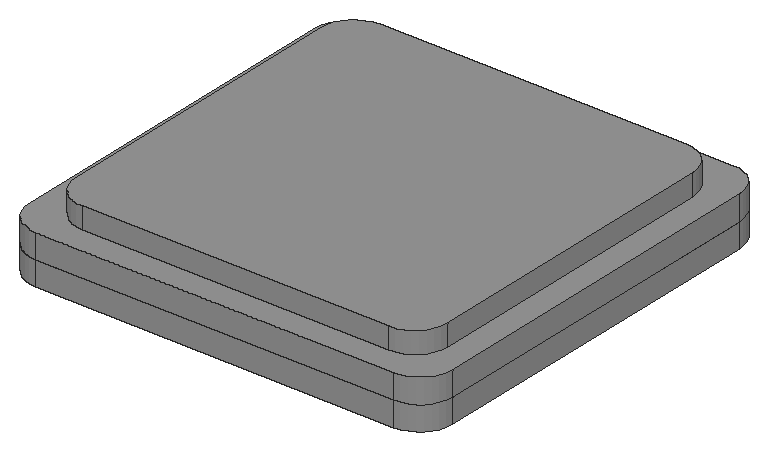
Revit family "FMS2_63_UN_Surface-mounted_ETK", category Lighting Fixtures, Revit 2019 (continued)
Definition of nested family "FMS.2 - Lightsource"
  Types (14, lengths in mm): name | Wattage Comments | Wattage | built-in parameter 1150134 | Photometric Web File | built-in parameter 1150142 | built-in parameter 1150105 | Lumens | built-in parameter 1150107 | built-in parameter 1150106 | Apparent Load
      513\t0\t0\t0\t0\t0\r\n0\r\n473.6291\t473.3725\t472.9875\t472.6026\t472.2176\t471.7043\t471.0627\t470.4211\t469.9078\t469.2662\r\n468.6246\t467.983\t467.2131\t466.4432\t465.6733\t464.6467\t463.7485\t462.8502\t461.952\t460.9254\r\n459.8989\t458.744\t457.7174\t456.5626\t455.2794\t453.9962\t452.713\t451.4298\t450.0182\t448.6067\r\n447.1952\t445.7837\t444.3722\t442.8323\t441.1642\t439.6243\t437.9562\t436.288\t434.6198\t432.8234\r\n430.6419\t428.3322\t426.1507\t423.7126\t421.4029\t418.9648\t416.5267\t414.217\t411.7789\t409.3408\r\n406.7744\t404.3363\t401.8982\t399.3318\t396.8938\t394.199\t391.6326\t389.0662\t386.4998\t383.8051\r\n381.1104\t378.4157\t375.8493\t373.1546\t370.3315\t367.6368\t364.9421\t362.2474\t359.5526\t356.7296\r\n353.9066\t351.2118\t348.3888\t345.1808\t341.9728\t338.6365\t335.4285\t332.0922\t328.8842\t325.5478\r\n322.2115\t319.0035\t315.6672\t312.4592\t309.1229\t305.9149\t302.5786\t299.2422\t295.9059\t292.6979\r\n289.3616\t286.1536\t282.9456\t279.6093\t276.4013\t273.065\t269.857\t266.649\t263.441\t259.9763\r\n256.3834\t252.9187\t249.4541\t245.9894\t242.5248\t238.9318\t235.4672\t231.8742\t228.5379\t225.0733\r\n221.737\t218.2723\t214.936\t211.5997\t208.135\t204.7987\t201.4624\t198.1261\t194.9181\t191.4534\r\n187.7322\t184.1392\t180.5462\t176.825\t173.232\t169.639\t166.0461\t162.5814\t158.9885\t155.5238\r\n152.0592\t148.5946\t145.1299\t141.6653\t138.329\t134.8643\t131.3997\t127.9992\t124.5859\t121.1854\r\n117.8106\t114.4743\t111.1508\t107.8658\t104.5936\t101.3343\t98.1006\t94.867\t91.6333\t88.4381\r\n85.2686\t82.1248\t79.0066\t75.9269\t72.8601\t69.8317\t66.8291\t63.852\t60.9007\t57.9621\r\n55.2546\t52.6882\t50.1346\t47.5939\t45.0788\t42.5637\t40.0743\t37.5849\t35.1084\t32.6446\r\n29.9114\t23.9317\t17.9391\t11.9504\t5.9489\t0\t0\t0\t0\t0\r\n0\r\n473.6291\t473.3725\t473.1158\t472.7309\t472.3459\t471.8326\t471.3194\t470.6778\t470.1645\t469.5229\r\n469.0096\t468.368\t467.5981\t466.8282\t465.9299\t465.0317\t464.1334\t463.2352\t462.337\t461.3104\r\n460.1555\t459.129\t457.9741\t456.6909\t455.536\t454.1245\t452.8413\t451.4298\t450.0182\t448.6067\r\n447.0669\t445.6554\t443.9872\t442.4474\t440.7792\t439.111\t437.4429\t435.6464\t433.9782\t432.1818\r\n430.3853\t428.4605\t426.5357\t424.4826\t422.5578\t420.5046\t418.1949\t415.7568\t413.1904\t410.7523\r\n408.1859\t405.7478\t403.1814\t400.4867\t397.9203\t395.2256\t392.5309\t389.8362\t387.1414\t384.4467\r\n381.6237\t378.929\t376.1059\t373.2829\t370.4598\t367.6368\t364.8138\t361.9907\t359.0394\t356.2163\r\n353.265\t350.4419\t347.4906\t344.6675\t341.7162\t338.7648\t335.8134\t332.8621\t330.039\t327.0877\r\n324.1363\t321.185\t317.977\t314.5123\t311.0477\t307.7114\t304.2467\t300.9104\t297.5741\t294.1094\r\n290.6448\t287.3085\t283.9722\t280.6358\t277.1712\t273.7066\t270.3702\t267.0339\t263.6976\t260.233\r\n256.8966\t253.5603\t250.224\t246.8877\t243.423\t240.0867\t236.8787\t233.5424\t230.2061\t226.6131\r\n223.0202\t219.4272\t215.9626\t212.3696\t208.7766\t205.312\t201.719\t198.2544\t194.9181\t191.4534\r\n188.1171\t184.6525\t181.1878\t177.8515\t174.3869\t171.0506\t167.8426\t164.3779\t160.6566\t157.0637\r\n153.4707\t150.0061\t146.4131\t142.8202\t139.3555\t135.8909\t132.4262\t128.9616\t125.5868\t122.1991\r\n118.7858\t115.3982\t111.9592\t108.5972\t105.2609\t101.9502\t98.6652\t95.4059\t92.1851\t88.9899\r\n85.8204\t82.6894\t79.5841\t76.53\t73.5402\t70.576\t67.6375\t64.7246\t61.8502\t59.0015\r\n56.1785\t53.3683\t50.5966\t47.9788\t45.5151\t43.077\t40.6389\t38.2137\t35.8141\t33.4274\r\n31.0663\t28.718\t24.2525\t17.8236\t11.3858\t4.9378\t0\t0\t0\t0\r\n0\r\n473.6291\t473.3725\t473.1158\t472.8592\t472.6026\t472.0893\t471.576\t470.9344\t470.4211\t469.9078\r\n469.3946\t468.753\t467.983\t467.2131\t466.3149\t465.4166\t464.6467\t463.7485\t462.7219\t461.6954\r\n460.6688\t459.5139\t458.359\t457.0758\t455.7926\t454.3811\t453.0979\t451.6864\t450.2749\t448.735\r\n447.3235\t445.6554\t444.1155\t442.4474\t440.7792\t438.9827\t437.3146\t435.5181\t433.7216\t431.7968\r\n429.872\t427.9472\t425.8941\t423.841\t421.7878\t419.7347\t417.6816\t415.5002\t413.3187\t411.1373\r\n408.8275\t406.6461\t404.208\t401.8982\t399.4602\t396.8938\t394.199\t391.5043\t388.8096\t385.9866\r\n383.1635\t380.2122\t377.3891\t374.4378\t371.6147\t368.6634\t365.712\t362.7606\t359.8093\t356.8579\r\n353.9066\t350.8269\t347.8755\t344.7958\t341.7162\t338.7648\t335.6851\t332.6054\t329.5258\t326.4461\r\n323.3664\t320.2867\t317.207\t314.1274\t311.0477\t307.8397\t304.76\t301.552\t298.4723\t295.3926\r\n292.1846\t288.9766\t285.897\t282.8173\t279.481\t276.0163\t272.4234\t268.9587\t265.4941\t262.0294\r\n258.4365\t254.9718\t251.5072\t247.9142\t244.4496\t240.985\t237.5203\t234.0557\t230.591\t227.1264\r\n223.5334\t220.0688\t216.6042\t213.2678\t209.9315\t206.4669\t203.0022\t199.5376\t196.2013\t192.7366\r\n189.1437\t185.679\t182.0861\t178.4931\t175.0285\t171.4355\t167.9709\t164.5062\t161.0416\t157.7053\r\n154.2406\t150.9043\t147.4397\t144.2317\t140.8954\t137.6874\t134.351\t130.7581\t127.1266\t123.5465\r\n120.0049\t116.5916\t113.2039\t109.8419\t106.4671\t103.1051\t99.7816\t96.5223\t93.3015\t90.055\r\n86.847\t83.6775\t80.5465\t77.4411\t74.3871\t71.3588\t68.3817\t65.4432\t62.556\t59.7201\r\n56.9099\t54.1382\t51.3922\t48.6718\t45.9899\t43.3337\t40.7673\t38.4447\t36.1606\t33.9021\r\n31.6437\t29.3981\t27.1782\t24.9582\t18.3369\t11.2229\t4.0883\t0\t0\t0\r\n0\r\n473.6291\t473.5008\t473.2442\t472.9875\t472.7309\t472.3459\t471.8326\t471.3194\t470.8061\t470.2928\r\n469.7795\t469.1379\t468.4963\t467.5981\t466.8282\t465.9299\t465.16\t464.2618\t463.3635\t462.337\r\n461.1821\t460.1555\t458.8723\t457.7174\t456.3059\t455.0227\t453.6112\t452.1997\t450.7882\t449.2483\r\n447.7085\t446.1686\t444.5005\t442.8323\t441.1642\t439.3677\t437.5712\t435.7747\t433.8499\t431.9251\r\n430.0003\t427.9472\t425.8941\t423.841\t421.7878\t419.6064\t417.425\t415.2435\t412.9338\t410.624\r\n408.3142\t406.0045\t403.5664\t401.1283\t398.6902\t396.2522\t393.8141\t391.2477\t388.6813\t386.1149\r\n383.4202\t380.8538\t378.159\t375.4643\t372.6413\t369.9466\t367.2518\t364.5571\t361.7341\t358.7827\r\n355.703\t352.6234\t349.4154\t346.3357\t343.256\t340.1763\t336.9683\t333.7603\t330.5523\t327.4726\r\n324.2646\t321.0566\t317.8486\t314.6406\t311.3043\t308.0963\t304.8883\t301.552\t298.344\t295.136\r\n291.928\t288.5917\t285.2554\t282.0474\t278.8394\t275.6314\t272.295\t268.9587\t265.6224\t262.4144\r\n259.0781\t255.7418\t252.5338\t249.3258\t245.9894\t242.7814\t239.3168\t235.9805\t232.7725\t229.5645\r\n226.0998\t222.5069\t218.7856\t215.1926\t211.4714\t208.0067\t204.4138\t200.8208\t197.3562\t193.7632\r\n190.1702\t186.5773\t182.9843\t179.5197\t176.055\t172.5904\t169.1258\t165.5328\t162.1965\t158.7318\r\n155.2672\t151.9309\t148.5946\t145.0016\t141.4086\t137.944\t134.4794\t131.0147\t127.6656\t124.2908\r\n120.9416\t117.6053\t114.3075\t111.1123\t107.9684\t104.8631\t101.6423\t98.2033\t94.7772\t91.3895\r\n88.066\t84.8067\t81.6115\t78.4933\t75.388\t72.334\t69.2928\t66.2901\t63.3516\t60.4644\r\n57.6413\t54.8696\t52.1364\t49.4417\t46.7855\t44.1806\t41.5885\t39.0349\t36.4942\t33.9663\r\n31.5154\t29.1415\t26.7932\t24.4706\t22.1865\t18.6834\t10.9136\t3.1503\t0\t0\r\n0\r\n473.6291\t473.5008\t473.3725\t473.2442\t472.9875\t472.6026\t472.0893\t471.7043\t471.191\t470.8061\r\n470.2928\t469.6512\t469.0096\t468.2397\t467.3414\t466.5715\t465.9299\t465.0317\t464.0051\t462.9786\r\n461.952\t460.7971\t459.7706\t458.4874\t457.0758\t455.7926\t454.3811\t453.0979\t451.5581\t450.1466\r\n448.6067\t446.9386\t445.2704\t443.6022\t441.9341\t440.2659\t438.4694\t436.5446\t434.6198\t432.695\r\n430.6419\t428.5888\t426.5357\t424.4826\t422.4294\t420.248\t417.9382\t415.7568\t413.3187\t411.009\r\n408.6992\t406.3894\t403.823\t401.385\t398.9469\t396.3805\t393.8141\t391.2477\t388.6813\t385.9866\r\n383.2918\t380.5971\t377.7741\t375.0794\t372.2563\t369.5616\t366.7386\t363.9155\t361.0925\t358.1411\r\n355.1898\t352.2384\t349.287\t346.3357\t343.3843\t340.3046\t337.3533\t334.2736\t331.3222\t328.2426\r\n325.1629\t322.0832\t318.8752\t315.7955\t312.5875\t309.3795\t306.2998\t303.2202\t300.1405\t296.8042\r\n293.5962\t290.3882\t287.1802\t283.7155\t280.2509\t276.9146\t273.4499\t270.1136\t266.7773\t263.3126\r\n259.848\t256.3834\t252.9187\t249.4541\t245.9894\t242.6531\t239.1885\t235.8522\t232.3875\t228.9229\r\n225.4582\t221.9936\t218.6573\t215.1926\t211.8563\t208.3917\t204.927\t201.5907\t198.1261\t194.7898\r\n191.3251\t187.8605\t184.3958\t181.0595\t177.5949\t174.2586\t170.9222\t167.5859\t164.3779\t161.0416\r\n157.3203\t153.7274\t150.0061\t146.4131\t142.8202\t139.3555\t135.8909\t132.4262\t128.9616\t125.4841\r\n121.9553\t118.5035\t115.1415\t111.8052\t108.5459\t105.3122\t102.0016\t98.6139\t95.2263\t91.9028\r\n88.6306\t85.4868\t82.3814\t79.3146\t76.2862\t73.2836\t70.3579\t67.4065\t64.3396\t61.337\r\n58.3856\t55.5369\t52.7908\t50.109\t47.1961\t44.1549\t41.1522\t38.1752\t35.211\t32.2981\r\n29.4494\t26.6777\t23.9958\t21.4808\t19.402\t17.3874\t15.4241\t10.3195\t2.125\t0\r\n0\r\n473.6291\t473.6291\t473.5008\t473.3725\t473.2442\t472.8592\t472.3459\t471.961\t471.576\t471.191\r\n470.8061\t470.1645\t469.5229\t468.753\t467.983\t467.3414\t466.6998\t465.8016\t464.9034\t463.8768\r\n462.8502\t461.8237\t460.6688\t459.3856\t458.1024\t456.8192\t455.536\t454.1245\t452.713\t451.3014\r\n449.7616\t448.2218\t446.5536\t444.8854\t443.2173\t441.4208\t439.7526\t437.8278\t435.903\t433.9782\r\n431.9251\t430.0003\t427.9472\t425.8941\t423.7126\t421.5312\t419.3498\t416.9117\t414.6019\t412.2922\r\n409.9824\t407.5443\t405.1062\t402.6682\t400.1018\t397.5354\t394.969\t392.4026\t389.8362\t387.1414\r\n384.4467\t381.6237\t378.929\t376.1059\t373.4112\t370.5882\t367.7651\t364.9421\t361.9907\t359.0394\r\n356.088\t353.1366\t350.1853\t347.1056\t344.0259\t340.9462\t337.9949\t334.9152\t331.8355\t328.7558\r\n325.5478\t322.4682\t319.2602\t316.0522\t312.8442\t309.6362\t306.5565\t303.3485\t300.0122\t296.8042\r\n293.5962\t290.3882\t287.0518\t283.7155\t280.3792\t277.0429\t273.8349\t270.4986\t267.1622\t263.8259\r\n260.3613\t257.025\t253.6886\t250.224\t246.8877\t243.423\t240.0867\t236.6221\t233.1574\t229.8211\r\n226.3565\t223.0202\t219.5555\t216.2192\t212.7546\t209.2899\t205.8253\t202.3606\t198.896\t195.4314\r\n191.9667\t188.5021\t185.1658\t181.7011\t178.2365\t174.7718\t171.3072\t167.9709\t164.5062\t160.9133\r\n157.4486\t153.984\t150.5194\t147.0547\t143.5901\t140.1254\t136.6608\t133.1962\t129.7315\t126.3824\r\n122.9947\t119.6071\t116.2066\t112.8189\t109.5083\t106.249\t102.9896\t99.7688\t96.5351\t93.2758\r\n90.0421\t86.8213\t83.6775\t80.6876\t77.5053\t74.2588\t71.0764\t68.0738\t65.0839\t62.094\r\n59.1427\t56.3325\t53.5993\t50.8917\t48.0173\t45.0916\t42.0633\t38.9708\t35.75\t32.2212\r\n28.7308\t25.3817\t22.3148\t19.6458\t17.182\t14.9236\t12.8051\t11.1061\t9.6702\t1.3345\r\n0\r\n473.6291\t473.6291\t473.6291\t473.5008\t473.3725\t473.1158\t472.7309\t472.3459\t472.0893\t471.7043\r\n471.4477\t470.8061\t470.2928\t469.5229\t468.753\t468.1114\t467.5981\t466.6998\t465.8016\t464.9034\r\n463.8768\t462.8502\t461.8237\t460.6688\t459.3856\t458.1024\t456.9475\t455.536\t454.1245\t452.713\r\n451.3014\t449.7616\t448.0934\t446.5536\t444.8854\t443.2173\t441.5491\t439.6243\t437.6995\t435.7747\r\n433.8499\t431.9251\t430.0003\t427.9472\t425.8941\t423.5843\t421.4029\t419.0931\t416.7834\t414.4736\r\n412.2922\t409.8541\t407.416\t404.9779\t402.5398\t399.9734\t397.407\t394.8406\t392.2742\t389.5795\r\n386.8848\t384.1901\t381.4954\t378.6723\t375.9776\t373.1546\t370.3315\t367.5085\t364.5571\t361.6058\r\n358.7827\t355.8314\t352.88\t349.672\t346.5923\t343.641\t340.6896\t337.6099\t334.6586\t331.4506\r\n328.2426\t325.1629\t322.0832\t318.8752\t315.5389\t312.3309\t309.2512\t305.9149\t302.7069\t299.4989\r\n296.2909\t292.9546\t289.7466\t286.4102\t282.9456\t279.7376\t276.4013\t273.065\t269.7286\t266.3923\r\n263.056\t259.7197\t256.255\t252.7904\t249.4541\t245.9894\t242.6531\t239.1885\t235.7238\t232.2592\r\n228.9229\t225.4582\t222.1219\t218.529\t215.0643\t211.5997\t208.135\t204.6704\t201.2058\t197.6128\r\n194.1482\t190.6835\t187.3472\t183.7542\t180.2896\t176.6966\t173.232\t169.8957\t166.431\t162.8381\r\n159.2451\t155.7805\t152.3158\t148.9795\t145.6432\t142.1786\t138.7139\t135.121\t131.528\t128.1917\r\n124.8297\t121.4036\t117.9774\t114.5641\t111.138\t107.8658\t104.5808\t101.2188\t97.8568\t94.5333\r\n91.2227\t87.912\t84.5885\t81.4319\t78.2624\t75.1827\t72.103\t69.1388\t66.1618\t63.2746\r\n60.3874\t57.5515\t54.7156\t52.0081\t49.2877\t46.6956\t44.1036\t41.55\t38.9964\t36.43\r\n33.8636\t31.5667\t29.2826\t27.1525\t25.0096\t23.0334\t21.0573\t19.3892\t17.7082\t13.8971\r\n7.0255\r\n473.6291\t473.6291\t473.5008\t473.3725\t473.2442\t472.8592\t472.4742\t472.2176\t471.8326\t471.4477\r\n471.0627\t470.4211\t469.9078\t469.1379\t468.368\t467.7264\t467.0848\t466.1866\t465.2883\t464.2618\r\n463.3635\t462.2086\t461.1821\t459.8989\t458.6157\t457.3325\t456.0493\t454.7661\t453.3546\t451.943\r\n450.4032\t448.8634\t447.1952\t445.6554\t443.9872\t442.1907\t440.5226\t438.5978\t436.673\t434.7482\r\n432.8234\t430.7702\t428.8454\t426.7923\t424.6109\t422.4294\t420.248\t417.9382\t415.6285\t413.3187\r\n411.009\t408.5709\t406.1328\t403.6947\t401.2566\t398.6902\t396.1238\t393.5574\t390.8627\t388.2963\r\n385.6016\t382.9069\t380.0838\t377.3891\t374.6944\t371.8714\t369.0483\t366.097\t363.2739\t360.3226\r\n357.3712\t354.4198\t351.4685\t348.5171\t345.4374\t342.3578\t339.4064\t336.3267\t333.247\t330.1674\r\n326.9594\t323.8797\t320.6717\t317.592\t314.384\t311.176\t307.968\t304.76\t301.552\t298.2157\r\n295.0077\t291.7997\t288.5917\t285.2554\t281.919\t278.5827\t275.3747\t272.0384\t268.7021\t265.3658\r\n262.0294\t258.6931\t255.2285\t251.8922\t248.4275\t245.0912\t241.7549\t238.4186\t234.9539\t231.4893\r\n228.153\t224.6883\t221.352\t217.8874\t214.4227\t210.9581\t207.4934\t204.1571\t200.5642\t197.0995\r\n193.7632\t190.2986\t186.9622\t183.4976\t180.033\t176.5683\t173.1037\t169.7674\t166.1744\t162.7098\r\n159.2451\t155.6522\t152.1875\t148.7229\t145.2582\t141.7936\t138.2006\t134.6077\t131.143\t127.7811\r\n124.3806\t120.9929\t117.6823\t114.3973\t111.0481\t107.6861\t104.4268\t101.2188\t97.9852\t94.7387\r\n91.4922\t88.2713\t85.1147\t82.0606\t78.8398\t75.6318\t72.4366\t69.3698\t66.3286\t63.4029\r\n60.567\t57.7825\t55.0108\t52.2519\t49.4802\t46.7855\t44.2319\t41.7682\t39.4199\t36.8407\r\n34.2614\t31.7977\t29.4623\t27.2552\t25.1892\t23.0591\t20.9803\t19.171\t17.5285\t2.4573\r\n0\r\n473.6291\t473.6291\t473.5008\t473.3725\t473.1158\t472.7309\t472.3459\t471.961\t471.576\t471.191\r\n470.8061\t470.1645\t469.5229\t468.753\t467.983\t467.3414\t466.5715\t465.6733\t464.775\t463.8768\r\n462.8502\t461.8237\t460.6688\t459.5139\t458.2307\t456.9475\t455.536\t454.2528\t452.8413\t451.4298\r\n449.8899\t448.3501\t446.6819\t445.1421\t443.4739\t441.8058\t440.0093\t438.2128\t436.288\t434.3632\r\n432.3101\t430.3853\t428.3322\t426.279\t424.2259\t422.0445\t419.863\t417.6816\t415.3718\t413.0621\r\n410.7523\t408.3142\t406.0045\t403.5664\t401\t398.5619\t395.9955\t393.4291\t390.8627\t388.168\r\n385.6016\t382.9069\t380.2122\t377.5174\t374.8227\t372.128\t369.305\t366.4819\t363.6589\t360.7075\r\n357.7562\t354.8048\t351.9818\t349.0304\t346.079\t343.1277\t340.048\t337.0966\t334.017\t330.9373\r\n327.8576\t324.7779\t321.6982\t318.6186\t315.5389\t312.4592\t309.2512\t306.1715\t303.0918\t299.7555\r\n296.5475\t293.4678\t290.1315\t286.6669\t283.3306\t279.9942\t276.6579\t273.1933\t269.857\t266.5206\r\n263.056\t259.7197\t256.255\t252.7904\t249.3258\t245.8611\t242.5248\t239.0602\t235.7238\t232.2592\r\n228.7946\t225.4582\t221.9936\t218.529\t215.1926\t211.728\t208.2634\t204.927\t201.4624\t198.1261\r\n194.6614\t191.1968\t187.8605\t184.5242\t181.0595\t177.7232\t174.3869\t170.9222\t167.5859\t164.2496\r\n160.6566\t157.0637\t153.3424\t149.7494\t146.1565\t142.6918\t139.2272\t135.6342\t132.1696\t128.705\r\n125.2147\t121.8013\t118.4137\t115.0517\t111.6897\t108.3534\t105.0684\t101.7321\t98.3829\t95.0723\r\n91.7873\t88.5408\t85.3585\t82.2146\t79.1221\t76.0938\t73.2194\t70.268\t67.1884\t64.1728\r\n61.2343\t58.3471\t55.5112\t52.7267\t50.0063\t47.3372\t44.7452\t42.2301\t39.792\t37.3283\r\n34.8004\t32.3366\t29.9499\t27.653\t25.5742\t23.5467\t21.5449\t14.6926\t3.0335\t0\r\n0\r\n473.6291\t473.5008\t473.3725\t473.2442\t472.9875\t472.6026\t472.2176\t471.8326\t471.3194\t470.9344\r\n470.5494\t469.9078\t469.2662\t468.4963\t467.7264\t466.9565\t466.3149\t465.4166\t464.5184\t463.4918\r\n462.4653\t461.4387\t460.4122\t459.2573\t457.9741\t456.6909\t455.2794\t453.9962\t452.5846\t451.1731\r\n449.7616\t448.2218\t446.6819\t445.0138\t443.3456\t441.6774\t440.0093\t438.2128\t436.4163\t434.4915\r\n432.5667\t430.5136\t428.5888\t426.5357\t424.4826\t422.4294\t420.248\t418.0666\t415.8851\t413.5754\r\n411.3939\t408.9558\t406.6461\t404.3363\t402.0266\t399.4602\t397.0221\t394.584\t392.0176\t389.4512\r\n386.8848\t384.1901\t381.6237\t379.0573\t376.3626\t373.7962\t371.1014\t368.2784\t365.4554\t362.6323\r\n359.681\t356.6013\t353.3933\t350.3136\t347.2339\t344.2826\t341.0746\t337.9949\t334.7869\t331.7072\r\n328.4992\t325.2912\t322.0832\t318.8752\t315.6672\t312.4592\t309.3795\t306.1715\t302.9635\t299.7555\r\n296.5475\t293.2112\t290.0032\t286.7952\t283.5872\t280.2509\t276.9146\t273.7066\t270.4986\t267.2906\r\n263.9542\t260.7462\t257.4099\t254.2019\t250.8656\t247.5293\t244.3213\t240.985\t237.777\t234.569\r\n230.976\t227.383\t223.6618\t220.1971\t216.6042\t213.0112\t209.4182\t205.8253\t202.3606\t198.7677\r\n195.303\t191.7101\t188.2454\t184.6525\t181.0595\t177.5949\t174.1302\t170.6656\t167.201\t163.8646\r\n160.5283\t157.0637\t153.599\t150.0061\t146.5414\t142.9485\t139.4838\t136.0192\t132.6829\t129.2182\r\n125.8306\t122.5456\t119.2863\t116.0398\t112.8189\t109.6366\t106.3388\t102.8228\t99.3582\t95.9577\r\n92.5957\t89.3364\t86.1156\t82.9332\t79.7894\t76.7097\t73.6557\t70.6145\t67.6246\t64.6733\r\n61.7861\t58.963\t56.1913\t53.4838\t50.7377\t48.0173\t45.3611\t42.7434\t40.1642\t37.6363\r\n35.2623\t32.9526\t30.6813\t28.4357\t26.2029\t22.4047\t13.1143\t3.7893\t0\t0\r\n0\r\n473.6291\t473.5008\t473.3725\t473.1158\t472.9875\t472.4742\t472.0893\t471.576\t471.191\t470.6778\r\n470.2928\t469.7795\t469.0096\t468.368\t467.4698\t466.6998\t466.0582\t465.2883\t464.2618\t463.3635\r\n462.337\t461.3104\t460.2838\t459.2573\t457.974
